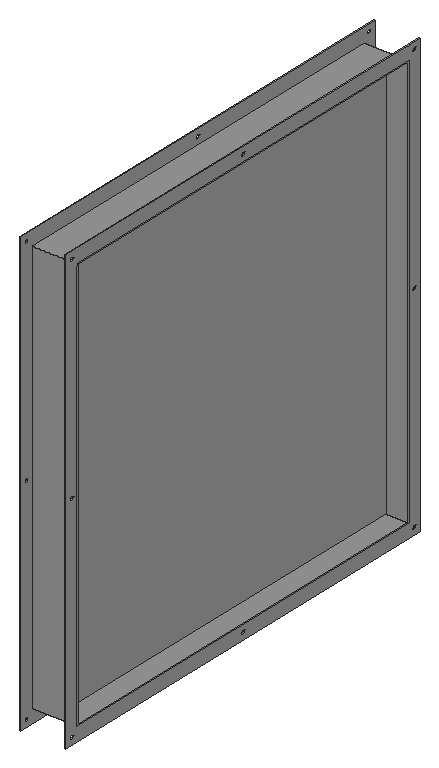
Revit family "КРД", category Оборудование, Revit 2021
Family settings
  Размер круглого соединителя = Использовать диаметр
  Классификация = Нет
  Тип детали = Нормальный
  На основе рабочей плоскости = Нет
  Всегда вертикально = Да
  При загрузке вырезать с полостями = Нет
  Общий = Нет
  Точка принадлежности помещению = Нет
Parameters (values of type "КРД-2-900х900")
  С правым фланем = yes
  Отметка по умолчанию = 0 mm
  p1 = H / 2 - H / 10  # 360 mm
  a1 = if(H > 500 mm, 30 mm, 20 mm)  # 30 mm
  a = if(H > 500 mm, 15 mm, 10 mm)  # 15 mm
  URL = "https://vents.ua/ua/series/krd#description"
  Pressure_Static_Air [instance] = 0.0 L/s
  Maximum Air Flow = 0.0 L/s
  Maintenance zone material = none
  Load Classification = "HVAC"
  L = 100 mm  # constant formula
  Hole = not(and(H < 400 mm, B < 400 mm))  # yes
  H = 900 mm
  Grid Material = Cover Grid Cross
  B = 900 mm
  Air Flow [instance] = 0.0 L/s
  09_System_Name [instance] = ""
  00_20_Type = "КРД-2-900х900"
  00_20_Name = "Клапан регулювання тиску"
  00_20_Manufacturer = "Вентс"  # constant formula
Types (26, lengths in mm): name | С правым фланем | p1 | a1 | a | Hole | H | B | 00_20_Type
  (no name) | yes | 360 | 30 | 15 | yes | 900 | 900 | "КРД-2-900х900"
  КРД-1-1000х1000 | no | 400 | 30 | 15 | yes | 1000 | 1000 | "КРД-1-1000х1000"
  КРД-1-425х425 | no | 170 | 20 | 10 | yes | 425 | 425 | "КРД-1-425х425"
  КРД-1-300х300 | no | 120 | 20 | 10 | no | 300 | 300 | "КРД-1-300х300"
  КРД-1-550х550 | no | 220 | 30 | 15 | yes | 550 | 550 | "КРД-1-550х550"
  КРД-1-600х175 | no | 70 | 20 | 10 | yes | 175 | 600 | "КРД-1-600х175"
  КРД-1-700х300 | no | 120 | 20 | 10 | yes | 300 | 700 | "КРД-1-700х300"
  КРД-1-800х800 | no | 320 | 30 | 15 | yes | 800 | 800 | "КРД-1-800х800"
  КРД-1-900х900 | no | 360 | 30 | 15 | yes | 900 | 900 | "КРД-1-900х900"
  КРД-1-200х300 | no | 120 | 20 | 10 | no | 300 | 200 | "КРД-1-200х300"
  КРД-1-300х175 | no | 70 | 20 | 10 | no | 175 | 300 | "КРД-1-300х175"
  КРД-1-675х675 | no | 270 | 30 | 15 | yes | 675 | 675 | "КРД-1-675х675"
  КРД-1-800х650 | no | 260 | 30 | 15 | yes | 650 | 800 | "КРД-1-800х650"
  КРД-1-200х200 | no | 80 | 20 | 10 | no | 200 | 200 | "КРД-1-200х200"
  КРД-2-200х200 | yes | 80 | 20 | 10 | no | 200 | 200 | "КРД-2-200х200"
  КРД-2-300х300 | yes | 120 | 20 | 10 | no | 300 | 300 | "КРД-2-300х300"
  КРД-2-400х400 | yes | 160 | 20 | 10 | yes | 400 | 400 | "КРД-2-400х400"
  КРД-1-400х400 | no | 160 | 20 | 10 | yes | 400 | 400 | "КРД-1-400х400"
  КРД-2-500х500 | yes | 200 | 20 | 10 | yes | 500 | 500 | "КРД-2-500х500"
  КРД-1-500х500 | no | 200 | 20 | 10 | yes | 500 | 500 | "КРД-1-500х500"
  КРД-2-600х600 | yes | 240 | 30 | 15 | yes | 600 | 600 | "КРД-2-600х600"
  КРД-1-600х600 | no | 240 | 30 | 15 | yes | 600 | 600 | "КРД-1-600х600"
  КРД-1-700х700 | no | 280 | 30 | 15 | yes | 700 | 700 | "КРД-1-700х700"
  КРД-2-700х700 | yes | 280 | 30 | 15 | yes | 700 | 700 | "КРД-2-700х700"
  КРД-2-800х800 | yes | 320 | 30 | 15 | yes | 800 | 800 | "КРД-2-800х800"
  КРД-2-900х900 | yes | 360 | 30 | 15 | yes | 900 | 900 | "КРД-2-900х900"
Reference planes
  plane 1 "По центру (Вперед/Назад)": y = 0
  plane 2: z = 0
  plane 3 "По центру (Влево/Вправо)": x = 0
  plane 4: y = 450
  plane 5: y = -450
  plane 6: z = 450
  plane 7: z = -450
  plane 8: y = 465
  plane 9: y = -465
  plane 10: z = 465
  plane 11: z = -465
Forms (mm)
  Extrusion 1, solid, material "Сталь, гальванизированная"
    sketch origin (0, 0, 0) x (0, 1, 0) y (0, 0, 1)
      loop
        line (450, 450) -> (-450, 450) -> (-450, -450) -> (450, -450) -> (450, 450)
      loop
        line (448, 448) -> (-448, 448) -> (-448, -448) -> (448, -448) -> (448, 448)
    from -50 to 50
  Extrusion 2, solid, material "Сталь, гальванизированная"
    sketch origin (0, 0, 0) x (0, 1, 0) y (0, 0, 1)
      loop
        line (450, 450) -> (-450, 450) -> (-450, -450) -> (450, -450) -> (450, 450)
      loop
        line (480, 480) -> (-480, 480) -> (-480, -480) -> (480, -480) -> (480, 480)
      loop
        circle (465, 465) r 5
      loop
        circle (-465, 465) r 5
      loop
        circle (-465, -465) r 5
      loop
        circle (465, -465) r 5
    from -50 to -48
  Extrusion 3, solid, material "Сталь, гальванизированная", visible <- "С правым фланем"
    sketch origin (0, 0, 0) x (0, 1, 0) y (0, 0, 1)
      loop
        line (450, -450) -> (450, 450) -> (-450, 450) -> (-450, -450) -> (450, -450)
      loop
        line (480, -480) -> (480, 480) -> (-480, 480) -> (-480, -480) -> (480, -480)
      loop
        circle (465, 465) r 5
      loop
        circle (-465, 465) r 5
      loop
        circle (465, -465) r 5
      loop
        circle (-465, -465) r 5
    from 48 to 50
  Extrusion 4, solid, material "Сталь, гальванизированная"
    sketch origin (0, 0, 0) x (0, 1, 0) y (0, 0, 1)
      loop
        line (448, 448) -> (-448, 448) -> (-448, -448) -> (448, -448) -> (448, 448)
    from -2 to 2
  Extrusion 5, void
    sketch origin (0, 0, 0) x (0, 1, 0) y (0, 0, 1)
      loop
        circle (465, 0) r 5
      loop
        circle (0, 465) r 5
      loop
        circle (-465, 0) r 5
      loop
        circle (0, -465) r 5
    from -50 to -48
  Extrusion 6, void
    sketch origin (0, 0, 0) x (0, 1, 0) y (0, 0, 1)
      loop
        circle (465, 0) r 5
      loop
        circle (0, 465) r 5
      loop
        circle (-465, 0) r 5
      loop
        circle (0, -465) r 5
    from 48 to 50
  Extrusion 7, solid, material "Сталь, гальванизированная"
    sketch origin (0, 0, 0) x (0, 1, 0) y (0, 0, 1)
      loop
        line (37.5, -448) -> (37.5, -373) -> (-37.5, -373) -> (-37.5, -448) -> (37.5, -448)
    from -40 to -2
  Extrusion 8, solid, material "Сталь, гальванизированная"
    sketch origin (0, 0, 0) x (0, 1, 0) y (0, 0, 1)
      loop
        line (5, -373) -> (5, 360) -> (-5, 360) -> (-5, -373) -> (5, -373)
    from -12 to -2
Cuts and joins
  Extrusion 5 cuts Extrusion 2
  Extrusion 6 cuts Extrusion 3
Dimensions and locks
  equal spacing: plane 4, plane 1 "По центру (Вперед/Назад)", plane 5
  "B": plane 4 to plane 5
  equal spacing: plane 6, level, plane 7
  "H": plane 6 to plane 7
  locked: Extrusion 1 sketch curve to Extrusion 1 sketch curve at 2  (x2)
  locked: plane 6 to Extrusion 1 sketch curve at 2
  locked: Extrusion 1 sketch curve to plane 7 at 2
  "a1": Extrusion 2 sketch curve to Extrusion 2 sketch curve  (x4)
  locked: Extrusion 2 to Extrusion 2 at 2
  "a1": Extrusion 3 sketch curve to Extrusion 3 sketch curve  (x4)
  locked: Extrusion 3 to Extrusion 3 at 2
  "a": plane 8 to plane 4
  "a": plane 5 to plane 9
  "a": plane 10 to plane 6
  "a": plane 7 to plane 11
  "L": Extrusion 2 to Extrusion 3
  locked: Extrusion 4 sketch curve to plane 7 at 2
  locked: plane 6 to Extrusion 4 sketch curve at 2
  locked: plane 4 to Extrusion 4 sketch curve at 2
  locked: Extrusion 4 sketch curve to plane 5 at 2
  equal spacing: Extrusion 2, plane 3 "По центру (Влево/Вправо)", Extrusion 3
  locked: Extrusion 7 sketch curve to Extrusion 7 sketch curve at 75
  locked: Extrusion 7 sketch curve to Extrusion 1 at 75
  locked: Extrusion 7 to Extrusion 4 at 38
  equal spacing: Extrusion 7 sketch curve, plane 1 "По центру (Вперед/Назад)", Extrusion 7 sketch curve
  "p1": Extrusion 8 sketch curve to level
  locked: Extrusion 8 sketch curve to Extrusion 8 sketch curve at 10
  equal spacing: Extrusion 8 sketch curve, plane 1 "По центру (Вперед/Назад)", Extrusion 8 sketch curve
  locked: Extrusion 8 to Extrusion 4 at 10
  aligned and locked: level to plane 2
  aligned and locked: plane 6 to Extrusion 1 sketch curve
  aligned and locked: plane 4 to Extrusion 1 sketch curve
  aligned and locked: Extrusion 1 sketch curve to plane 7
  aligned and locked: Extrusion 1 sketch curve to plane 5
  aligned and locked: plane 6 to Extrusion 2 sketch curve
  aligned and locked: plane 4 to Extrusion 2 sketch curve
  aligned and locked: Extrusion 2 sketch curve to plane 7
  aligned and locked: Extrusion 2 sketch curve to plane 5
  aligned and locked: Extrusion 2 to Extrusion 1
  aligned and locked: plane 7 to Extrusion 3 sketch curve
  aligned and locked: Extrusion 3 sketch curve to plane 4
  aligned and locked: Extrusion 3 sketch curve to plane 6
  aligned and locked: plane 5 to Extrusion 3 sketch curve
  aligned and locked: Extrusion 3 to Extrusion 1
  aligned and locked: Extrusion 5 to Extrusion 1
  aligned and locked: Extrusion 2 to Extrusion 5
  aligned and locked: Extrusion 6 to Extrusion 1
  aligned and locked: Extrusion 3 to Extrusion 6
  aligned and locked: Extrusion 1 to Extrusion 7 sketch curve
  aligned and locked: Extrusion 7 to Extrusion 4
  aligned and locked: Extrusion 7 to Extrusion 8 sketch curve
  aligned and locked: Extrusion 8 to Extrusion 4
Automatic sketch dimensions
  Extrusion 5 sketch curve to level = 0 mm  (x2)
  Extrusion 5 sketch curve to plane 9 = 0 mm
  Extrusion 5 sketch curve to plane 1 "По центру (Вперед/Назад)" = 0 mm  (x2)
  Extrusion 5 sketch curve to plane 8 = 0 mm
  Extrusion 5 sketch curve to plane 11 = 0 mm
  Extrusion 5 sketch curve to plane 10 = 0 mm
  Extrusion 6 sketch curve to level = 0 mm  (x2)
  Extrusion 6 sketch curve to plane 9 = 0 mm
  Extrusion 6 sketch curve to plane 1 "По центру (Вперед/Назад)" = 0 mm  (x2)
  Extrusion 6 sketch curve to plane 8 = 0 mm
  Extrusion 6 sketch curve to plane 11 = 0 mm
  Extrusion 6 sketch curve to plane 10 = 0 mm
  Extrusion 2 sketch curve to plane 9 = 0 mm  (x2)
  Extrusion 2 sketch curve to plane 8 = 0 mm  (x2)
  Extrusion 2 sketch curve to plane 11 = 0 mm
  plane 11 to Extrusion 2 sketch curve = 0 mm
  plane 10 to Extrusion 2 sketch curve = 0 mm
  Extrusion 2 sketch curve to plane 10 = 0 mm
  Extrusion 3 sketch curve to plane 9 = 0 mm  (x2)
  Extrusion 3 sketch curve to plane 8 = 0 mm  (x2)
  plane 11 to Extrusion 3 sketch curve = 0 mm
  Extrusion 3 sketch curve to plane 11 = 0 mm
  plane 10 to Extrusion 3 sketch curve = 0 mm
  Extrusion 3 sketch curve to plane 10 = 0 mm
  radius of Extrusion 5 sketch curve = 5 mm  (x4)
  radius of Extrusion 6 sketch curve = 5 mm  (x4)
  radius of Extrusion 2 sketch curve = 5 mm  (x4)
  radius of Extrusion 3 sketch curve = 5 mm  (x4)
Connectors
  hvac at (-50, 0, 0), driven by "H", driven by "B"
    settings: on Extrusion 1, index 1, duct flow 0.0 L/s, flow factor 0, pres drop 0.0 Pa, loss coef 0, conn angle 0.00°, conn width 900 mm, conn height 900 mm, conn diameter 609.6 mm, duct sys type 3, conn prof type 1, flow config 0, flow direction 1, loss method 0, conn ref index -1, conn util no, is conn primary yes, conn desc ""
  hvac at (50, 0, 0), driven by "H", driven by "B"
    settings: on Extrusion 1, index 2, duct flow 0.0 L/s, flow factor 0, pres drop 0.0 Pa, loss coef 0, conn angle 0.00°, conn width 900 mm, conn height 900 mm, conn diameter 609.6 mm, duct sys type 3, conn prof type 1, flow config 0, flow direction 2, loss method 0, conn ref index -1, conn util no, is conn primary no, conn desc ""
